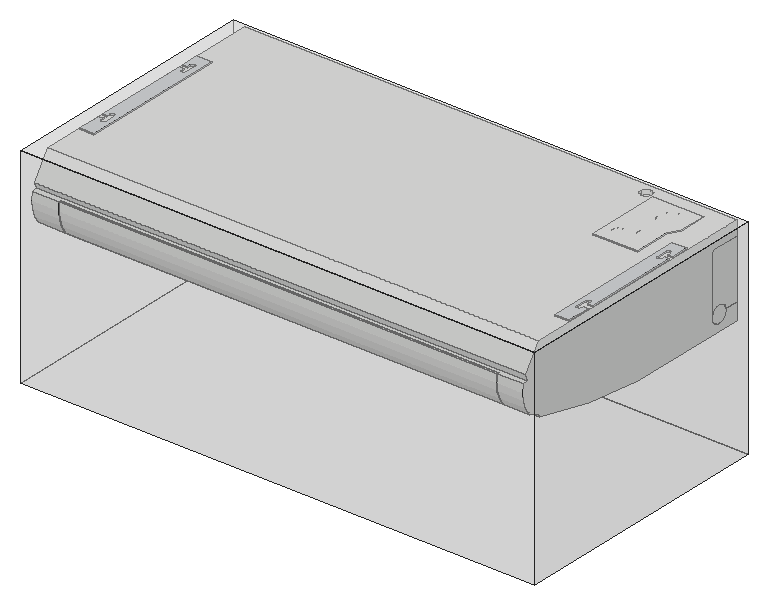
Revit family "outputfile", category 機械設備, Revit 2024
Family settings
  丸型コネクタ寸法 = 半径を使用
  パーツ タイプ = 標準
  OmniClass 番号 = 23.75.10.24.21.27.27
  OmniClass タイトル = Split System Air Conditioning Units
  作業面ベース = いいえ
  常に垂直 = はい
  ロード時にボイドで切り取り = いいえ
  注釈の向きを維持 = いいえ
  共有 = いいえ
  部屋計算ポイント = はい
Parameters (values of type "FHA18DV2S")
  製造元 = "Daikin"
  書き出し IFC クラス(タイプ) = "IfcUnitaryEquipmentType"
  定義済み IFC タイプ(タイプ) = "AIRCONDITIONINGUNIT"
  モデル = "FHA18DV2S"
  switch_frequency = yes
  r_Liquid Pipe Size = Liquid Pipe Size / 2  # 4.75 mm
  r_Gas Pipe Size = Gas Pipe Size / 2  # 7.95 mm
  r_Drain Pipe Size = Drain Pipe Size / 2  # 10.0 mm
  l_powersupply [instance] = if(Rear Right Connection_powersupply, 29.0 mm, 175.0 mm)  # 29.0 mm
  h_mountinghole = 2.0 mm
  connector_voltage = Voltage_50Hz  # 220 V
  connector_powerinput = [Power Input (Cooling)]  # 1.240 kW
  connector_phase = Phase_50Hz  # 1
  angle_vertical_powersupply [instance] = if(Rear Right Connection_powersupply, 90.00°, 180.00°)  # 90.00°
  angle_vertical_drainpipe [instance] = if(or(Left Connection_drainpipe, Right Connection_drainpipe), 90.00°, if(Top Connection_drainpipe, 180.00°, -90.00°))  # -90.00°
  angle_horizontal_powersupply [instance] = if(Rear Right Connection_powersupply, 180.00°, 0.00°)  # 180.00°
  angle_horizontal_drainpipe [instance] = if(Right Connection_drainpipe, 90.00°, if(Left Connection_drainpipe, -90.00°, 0.00°))  # 0.00°
  Voltage_comment_50Hz = "220 - 240"
  Voltage_50Hz = 220 V
  Top Connection_refrigerant [instance] = no
  Top Connection_powersupply [instance] = not(Rear Right Connection_powersupply)  # no
  Right Connection_refrigerant [instance] = no
  Rear Right Connection_refrigerant [instance] = yes
  Phase_50Hz = 1
  Material_Casing = DAIKIN_White_Casing_indoorunit
  lw_powersupply [instance] = if(Rear Right Connection_powersupply, 220.0 mm, 210.0 mm)  # 220.0 mm
  lw_mountinghole_pitch = Width - 40.0 mm  # 1230.0 mm
  lw_mountinghole = 20.0 mm
  lw_liquidpipe [instance] = if(Right Connection_refrigerant, 156.0 mm, if(Top Connection_refrigerant, 156.0 mm, 136.0 mm))  # 136.0 mm
  lw_gaspipe = 105.0 mm
  lw_drainpipe [instance] = if(Top Connection_drainpipe, 102.0 mm, if(Width = 960.0 mm, if(or(Left Connection_drainpipe, Rear Left Connection_drainpipe), 884.0 mm, 83.0 mm), if(Width = 1270.0 mm, if(or(Left Connection_drainpipe, Rear Left Connection_drainpipe), 1194.0 mm, 83.0 mm), if(Width = 1590.0 mm, if(or(Left Connection_drainpipe, Rear Left Connection_drainpipe), 1514.0 mm, 83.0 mm), 83.0 mm))))  # 83.0 mm
  lh_powersupply = 175.0 mm
  lh_liquidpipe [instance] = if(Rear Right Connection_refrigerant, 160.0 mm, 131.0 mm)  # 160.0 mm
  lh_gaspipe [instance] = if(Rear Right Connection_refrigerant, 150.0 mm, 91.0 mm)  # 150.0 mm
  lh_drainpipe = 197.0 mm
  l_antena = 1.0 mm
  ld_powersupply = 30.0 mm
  ld_mountinghole_pitch = 260.0 mm
  ld_mountinghole = 210.0 mm
  ld_liquidpipe [instance] = if(Right Connection_refrigerant, 57.0 mm, if(Top Connection_refrigerant, 189.0 mm, 221.0 mm))  # 221.0 mm
  ld_gaspipe [instance] = if(Right Connection_refrigerant, 57.0 mm, if(Top Connection_refrigerant, 163.0 mm, 214.0 mm))  # 214.0 mm
  ld_drainpipe [instance] = if(or(Left Connection_drainpipe, Right Connection_drainpipe), 57.0 mm, if(Top Connection_drainpipe, 87.0 mm, 268.0 mm))  # 268.0 mm
  l_liquidpipe_length [instance] = if(Right Connection_refrigerant, 156.0 mm, if(Top Connection_refrigerant, 131.0 mm, 220.0 mm))  # 220.0 mm
  l_gaspipe_length [instance] = if(Right Connection_refrigerant, 105.0 mm, if(Top Connection_refrigerant, 91.0 mm, 213.0 mm))  # 213.0 mm
  l_drainpipe_length [instance] = if(Right Connection_drainpipe, 83.0 mm, if(Top Connection_drainpipe, 197.0 mm, if(Left Connection_drainpipe, 76.0 mm, 267.0 mm)))  # 267.0 mm
  h*** = 0.0 mm
  angle_vertical [instance] = if(Right Connection_refrigerant, 90.00°, if(Top Connection_refrigerant, 180.00°, -90.00°))  # -90.00°
  angle_horizontal [instance] = if(Right Connection_refrigerant, 90.00°, 0.00°)  # 0.00°
  Width = 1270.0 mm
  Version = "ver.1.0"
  Unit Type = "Ceiling"
  Unit Mass Weight = 32.00 kg
  Unit Designation [instance] = ""
  Uniclass2015Version = "Products v1.30"
  Uniclass2015Title = "Split coil room air conditioning units"
  Uniclass2015Code = "Pr_70_65_03_86"
  Total Cooling Capacity [instance] = 0.000 kW
  Top Connection_drainpipe [instance] = no
  Sound Pressure Level_M speed (dBA) = 36
  Sound Pressure Level_L speed (dBA) = 34
  Sound Pressure Level_H speed (dBA) = 38
  Series = "SkyAir_Fan Coil Unit"
  Sensible Cooling Capacity [instance] = 0.000 kW
  Rear Right Connection_drainpipe [instance] = yes
  Rear Right Connection_powersupply [instance] = yes
  Right Connection_drainpipe [instance] = no
  Refrigerant Type = "R32"
  Power Input (Cooling) = 1.240 kW
  Option Accessory 3 [instance] = ""
  Option Accessory 2 [instance] = ""
  Option Accessory 1 [instance] = ""
  Nominal Cooling Capacity = 5.300 kW
  Minimum Airflow = 840.00 m³/h
  Median Airflow = 1020.00 m³/h
  Maximum Airflow = 1230.00 m³/h
  Load Classification = HVAC
  Liquid Pipe Size = 9.5 mm
  Link_Nested Family [instance] = ""
  Rear Left Connection_drainpipe [instance] = no
  Left Connection_drainpipe [instance] = no
  IfcVersion = ""
  IfcExportType = "AIRCONDITIONINGUNIT"
  IfcExportAs = "IfcUnitaryEquipmentType"
  Height = 235.0 mm
  Heat Exchanger Type = "Cross Fin Coil"
  Gas Pipe Size = 15.9 mm
  Frequency_50Hz = 50 Hz
  Fan Type = "Sirocco Fan"
  Fan Drive = "Direct Drive"
  FCU Tag No. [instance] = ""
  Drain Pipe Size = 20.0 mm
  Design Supply Airflow [instance] = 0.00 m³/h
  Design Outdoor Airflow [instance] = 0.00 m³/h
  Depth = 690.0 mm
  既定の高さ = 0.0 mm
  Cooling Entering Wet Bulb Temperature [instance] = 0.00 °C
  Cooling Entering Dry Bulb Temperature [instance] = 0.00 °C
  Cooling Ambient Wet Bulb Temperature [instance] = 0.00 °C
  Cooling Ambient Dry Bulb Temperature [instance] = 0.00 °C
  Clearance visibility [instance] = yes
  Clearance Top = 5.0 mm
  Clearance Right = 30.0 mm
  Clearance Rear = 0.0 mm
  Clearance Left = 30.0 mm
  Clearance Front = 0.0 mm
  Clearance Bottom = 300.0 mm
Reference planes
  plane 1 "Back": y = 0
  plane 2: z = 0
  plane 3 "Center (Left/Right)": x = 0
  plane 4 "Center (Front/Back)": y = -1
  plane 5 "Front": y = -690
  plane 6 "Left": x = -635
  plane 7 "Right": x = 635
  plane 8 "Top": z = 0
  plane 9 "Bottom": z = -235
  plane 10: y = -690
  plane 11: x = -665
  plane 12: x = 665
  plane 13: z = 5
  plane 14: z = -535
  plane 15: y = 0
  plane 16 "lw_mountinghole": x = -615
  plane 17 "lw_mountinghole2": x = 615
  plane 18 "ld_mountinghole": y = -210
  plane 19 "ld_mountinghole2": y = -470
  plane 20 "lw_gaspipe": x = 530
  plane 21 "ld_gaspipe": y = -214
  plane 22 "lh_gaspipe": z = -150
  plane 23 "lw_liquidpipe": x = 499
  plane 24 "ld_liquidpipe": y = -221
  plane 25 "lh_liquidpipe": z = -160
  plane 26 "ld_drainpipe": y = -268
  plane 27 "lw_drainpipe": x = 552
  plane 28 "lh_drainpipe": z = -197
  plane 29 "lw_powersupply": x = 415
  plane 30 "lh_powersupply": z = -175
  plane 31 "ld_powersupply": y = -30
  plane 32: x = -565.5
  plane 33: x = 565.5
  plane 34: x = -590
  plane 35: x = 590
  plane 36: x = -2
  plane 37: x = 2
Forms (mm)
  Extrusion 1, solid, material "DAIKIN_White_Casing_indoorunit" <- "Material_Casing"
    sketch origin (0, 0, 0) x (0, 1, 0) y (0, 0, 1)
      loop
        line (-639.277, 0) -> (-680.876, -61.699) -> (-675.026, -77.772)
        arc (-675.026, -77.772) -> (-681.815, -78.743) -> (-688.601, -79.732) r 2634.132
        arc (-688.601, -79.732) -> (-687.018, -121.096) -> (-669.159, -158.439) r 102.2
        line (-669.159, -158.439) -> (-639.858, -169.325) -> (-635.895, -178.261)
        arc (-635.895, -178.261) -> (-479.121, -215.759) -> (-319.077, -235) r 1400.997
        line (-319.077, -235) -> (-1, -235) -> (-1, 0) -> (-639.277, 0)
    from -635 to 635
  Extrusion 2, solid, material "DAIKIN_White_Casing_indoorunit" <- "Material_Casing"
    sketch origin (0, 0, 0) x (0, 1, 0) y (0, 0, 1)
      loop
        arc (-688.601, -79.732) -> (-687.018, -121.096) -> (-669.159, -158.439) r 102.2
        line (-669.159, -158.439) -> (-665.589, -154.869)
        arc (-665.589, -154.869) -> (-682.432, -118.783) -> (-683.39, -78.971) r 97.2
        arc (-683.39, -78.971) -> (-685.996, -79.351) -> (-688.601, -79.732) r 2634.132
    from -565.5 to 565.5
  Extrusion 3, void
    sketch origin (0, 0, 0) x (0, 1, 0) y (0, 0, 1)
      loop
        line (-301.098, -235) -> (-21.098, -235) -> (-21.098, -230) -> (-301.098, -230) -> (-301.098, -235)
    from -590 to 590
  Extrusion 4, solid, material "DAIKIN_White_Grille_indoorunit"
    sketch origin (0, 0, 0) x (0, 1, 0) y (0, 0, 1)
      loop
        line (-20.098, -230) -> (-301.098, -230) -> (-301.098, -235) -> (-20.098, -235) -> (-20.098, -230)
    from -590 to -2
  Extrusion 5, solid, material "DAIKIN_White_Casing_indoorunit" <- "Material_Casing"
    sketch origin (0, 0, 0) x (1, 0, 0) y (0, 0, 1)
      loop
        line (442, -63) -> (442, -178) -> (513, -220) -> (576, -220) -> (576, -63) -> (442, -63)
    from 0 to 1
  Extrusion 6, solid, material "DAIKIN_White_Casing_indoorunit" <- "Material_Casing"
    sketch origin (0, 0, 0) x (-1, 0, 0) y (0, -1, 0)
      loop
        line (-447, 35) -> (-447, 230) -> (-563, 230) -> (-563, 135) -> (-578, 105) -> (-578, 35) -> (-447, 35)
    from 0 to 1.9
  Extrusion 7, void
    sketch origin (635, 0, 0) x (0, 1, 0) y (0, 0, 1)
      loop
        arc (-79.5, -195) -> (-55.446, -217.446) -> (-34.715, -191.9) r 22.5
        line (-34.715, -191.9) -> (-1, -191.9) -> (-1, -190.1) -> (-35.04, -190.1)
        arc (-35.04, -190.1) -> (-54.942, -172.594) -> (-77.7, -186.182) r 22.5
        line (-77.7, -186.182) -> (-77.7, -43)
        arc (-77.7, -43) -> (-76.528, -40.172) -> (-73.7, -39) r 4
        line (-73.7, -39) -> (-1, -39) -> (-1, -37.2) -> (-73.7, -37.2)
        arc (-73.7, -37.2) -> (-77.801, -38.899) -> (-79.5, -43) r 5.8
        line (-79.5, -43) -> (-79.5, -195)
      loop
        circle (-57, -195) r 20.7
    from 0 to -10
  Extrusion 8, void
    sketch origin (-1444.026, -1, 1200) x (1, 0, 0) y (0, 0, 1)
      loop
        arc (875.026, -1375) -> (864.42, -1379.393) -> (860.026, -1390) r 15
        line (860.026, -1390) -> (860.026, -1400)
        arc (860.026, -1400) -> (864.42, -1410.607) -> (875.026, -1415) r 15
        line (875.026, -1415) -> (905.026, -1415)
        arc (905.026, -1415) -> (915.633, -1410.607) -> (920.026, -1400) r 15
        line (920.026, -1400) -> (920.026, -1390)
        arc (920.026, -1390) -> (915.633, -1379.393) -> (905.026, -1375) r 15
        line (905.026, -1375) -> (875.026, -1375)
    from 0 to 10
  Extrusion 9, void
    sketch origin (-635, 0, 0) x (0, 1, 0) y (0, 0, 1)
      loop
        circle (-57, -197) r 22.5
    from 0 to 10
  Extrusion 10, void
    sketch origin (-1444.026, -1, 1200) x (1, 0, 0) y (0, 0, 1)
      loop
        circle (1976.026, -1375) r 44
    from 0 to 10
  Extrusion 11, void
    sketch origin (0, 0, 0) x (-1, 0, 0) y (0, -1, 0)
      loop
        circle (-533, 87) r 30
    from 0 to -10
  Extrusion 12, void
    sketch origin (0, 0, 0) x (-1, 0, 0) y (0, -1, 0)
      loop
        circle (-530, 163) r 18
    from 0 to -10
  Extrusion 13, void
    sketch origin (0, 0, 0) x (-1, 0, 0) y (0, -1, 0)
      loop
        circle (-479, 189) r 13
    from 0 to -10
  Extrusion 14, void
    sketch origin (-1444.026, -1, 1200) x (1, 0, 0) y (0, 0, 1)
      loop
        circle (1859.026, -1375) r 14.5
    from 0 to 10
  Extrusion 15, void
    sketch origin (0, 0, 0) x (-1, 0, 0) y (0, -1, 0)
      loop
        circle (-425, 30) r 14.5
    from 0 to -10
  Extrusion 16, void
    sketch origin (635, 0, 0) x (0, 1, 0) y (0, 0, 1)
      loop
        arc (-665.589, -154.869) -> (-682.432, -118.783) -> (-683.39, -78.971) r 97.2
        arc (-683.39, -78.971) -> (-685.996, -79.351) -> (-688.601, -79.732) r 2634.132
        arc (-688.601, -79.732) -> (-687.018, -121.096) -> (-669.159, -158.439) r 102.2
        line (-669.159, -158.439) -> (-665.589, -154.869)
    from -69.5 to -1200.5
  Extrusion 17, solid, material "DAIKIN_White_Casing_indoorunit" <- "Material_Casing"
    sketch origin (-635, 0, 0) x (0, 1, 0) y (0, 0, 1)
      loop
        circle (-57, -197) r 22.5
    from 0 to 10
  Extrusion 18, solid, material "DAIKIN_White_Grille_indoorunit"
    sketch origin (780, 0, 0) x (0, 1, 0) y (0, 0, 1)
      loop
        line (-20.098, -230) -> (-301.098, -230) -> (-301.098, -235) -> (-20.098, -235) -> (-20.098, -230)
    from -782 to -778
  Extrusion 19, solid, material "DAIKIN_White_Grille_indoorunit"
    sketch origin (0, 0, 0) x (0, 1, 0) y (0, 0, -1)
      loop
        line (-20.098, 230) -> (-20.098, 235) -> (-301.098, 235) -> (-301.098, 230) -> (-20.098, 230)
    from -590 to -2
Cuts and joins
  Extrusion 3, Extrusion 7, Extrusion 8, Extrusion 9, Extrusion 10, Extrusion 11, Extrusion 12, Extrusion 13, Extrusion 14, Extrusion 15, Extrusion 16 cuts Extrusion 1
Lines and regions (mm)
  reference lines
    curve 1: line (635, -580.282, -192.75) -> (635, -551.225, -200.21)
Dimensions and locks
  equal spacing: plane 6 "Left", plane 3 "Center (Left/Right)", plane 7 "Right"
  "Width": plane 6 "Left" to plane 7 "Right"
  "Depth": plane 5 "Front" to plane 1 "Back"
  "Height": plane 8 "Top" to plane 9 "Bottom"
  "Clearance Front": plane 10 to plane 5 "Front"
  "Clearance Left": plane 11 to plane 6 "Left"
  "Clearance Right": plane 7 "Right" to plane 12
  "Clearance Top": plane 13 to plane 8 "Top"
  "Clearance Bottom": plane 9 "Bottom" to plane 14
  "Clearance Rear": plane 1 "Back" to plane 15
  locked: plane 4 "Center (Front/Back)" to plane 1 "Back" at 1
  locked: Extrusion 1 sketch curve to Extrusion 1 sketch curve at 235
  locked: Extrusion 1 sketch curve to Extrusion 1 sketch curve at 318.077
  locked: Extrusion 1 sketch curve to Extrusion 1 sketch curve at 1163.297
  locked: Extrusion 1 sketch curve to Extrusion 1 sketch curve at 231.144
  Extrusion 3 sketch curve to Extrusion 3 sketch curve to plane 1 "Back" = 280.0 mm locked, 21.098 mm locked
  "ld_mountinghole": plane 18 "ld_mountinghole" to plane 1 "Back"
  "ld_mountinghole_pitch": plane 18 "ld_mountinghole" to plane 19 "ld_mountinghole2"
  "lw_mountinghole_pitch": plane 16 "lw_mountinghole" to plane 17 "lw_mountinghole2"
  "lw_mountinghole": plane 6 "Left" to plane 16 "lw_mountinghole"
  "lw_gaspipe": plane 20 "lw_gaspipe" to plane 7 "Right"
  "ld_gaspipe": plane 1 "Back" to plane 21 "ld_gaspipe"
  "lw_liquidpipe": plane 23 "lw_liquidpipe" to plane 7 "Right"
  "ld_liquidpipe": plane 1 "Back" to plane 24 "ld_liquidpipe"
  "lw_drainpipe": plane 27 "lw_drainpipe" to plane 7 "Right"
  "ld_drainpipe": plane 26 "ld_drainpipe" to plane 1 "Back"
  plane 8 "Top" to Extrusion 5 sketch curve to Extrusion 5 sketch curve = 63.0 mm locked, 157.0 mm locked
  plane 7 "Right" to Extrusion 5 sketch curve to Extrusion 5 sketch curve = 59.0 mm locked, 134.0 mm locked
  locked: Extrusion 5 sketch curve to Extrusion 5 sketch curve at 115
  locked: Extrusion 5 sketch curve to Extrusion 5 sketch curve at 63
  locked: Extrusion 6 sketch curve to Extrusion 6 sketch curve at 195
  locked: Extrusion 6 sketch curve to Extrusion 6 sketch curve at 116
  locked: Extrusion 6 sketch curve to Extrusion 6 sketch curve at 131
  locked: Extrusion 6 sketch curve to Extrusion 6 sketch curve at 100
  locked: Extrusion 6 sketch curve to plane 1 "Back" at 35
  locked: Extrusion 6 sketch curve to plane 7 "Right" at 57
  locked: Extrusion 8 sketch curve to Extrusion 8 sketch curve at 40
  locked: Extrusion 8 sketch curve to Extrusion 8 sketch curve at 60
  locked: plane 8 "Top" to Extrusion 8 sketch curve at 175
  locked: Extrusion 8 sketch curve to plane 6 "Left" at 51
  locked: plane 7 "Right" to Extrusion 10 sketch curve at 103
  locked: plane 8 "Top" to Extrusion 10 sketch curve at 175
  locked: Extrusion 11 sketch curve to plane 1 "Back" at 87
  locked: Extrusion 11 sketch curve to plane 7 "Right" at 102
  locked: Extrusion 12 sketch curve to plane 1 "Back" at 163
  locked: Extrusion 12 sketch curve to plane 7 "Right" at 105
  locked: Extrusion 13 sketch curve to plane 1 "Back" at 189
  locked: Extrusion 13 sketch curve to plane 7 "Right" at 156
  "lw_powersupply": plane 29 "lw_powersupply" to plane 7 "Right"
  "lh_gaspipe": plane 8 "Top" to plane 22 "lh_gaspipe"
  "lh_liquidpipe": plane 8 "Top" to plane 25 "lh_liquidpipe"
  "lh_powersupply": plane 8 "Top" to plane 30 "lh_powersupply"
  "lh_drainpipe": plane 8 "Top" to plane 28 "lh_drainpipe"
  "ld_powersupply": plane 1 "Back" to plane 31 "ld_powersupply"
  locked: plane 8 "Top" to Extrusion 7 sketch curve at 195
  locked: Extrusion 7 sketch curve to plane 1 "Back" at 57
  locked: plane 9 "Bottom" to Extrusion 7 sketch curve at 43.1
  locked: Extrusion 7 sketch curve to plane 8 "Top" at 39
  locked: Extrusion 7 sketch curve to plane 1 "Back" at 79.5
  locked: Extrusion 9 sketch curve to plane 1 "Back" at 57
  locked: plane 8 "Top" to Extrusion 9 sketch curve at 197
  locked: Extrusion 17 sketch curve to plane 1 "Back" at 57
  locked: plane 8 "Top" to Extrusion 17 sketch curve at 197
  locked: plane 7 "Right" to Extrusion 14 sketch curve at 220
  locked: plane 8 "Top" to Extrusion 14 sketch curve at 175
  locked: Extrusion 15 sketch curve to plane 7 "Right" at 210
  locked: Extrusion 15 sketch curve to plane 1 "Back" at 30
  locked: curve 1 to plane 9 "Bottom" at 34.79
  locked: curve 1 to plane 9 "Bottom" at 42.25
  locked: plane 6 "Left" to plane 32 at 69.5
  locked: plane 33 to plane 7 "Right" at 69.5
  locked: plane 35 to plane 7 "Right" at 45
  locked: plane 6 "Left" to plane 34 at 45
  plane 36 to plane 3 "Center (Left/Right)" to plane 37 = 2.0 mm locked, 2.0 mm locked
  locked: curve 1 to plane 9 "Bottom" (angle 14.40°)
  aligned and locked: level to plane 2
  aligned and locked: nested 1 to plane 11
  aligned and locked: nested 1 to plane 12
  aligned and locked: nested 1 to plane 10
  aligned and locked: plane 13 to nested 1
  aligned and locked: plane 14 to nested 1
  aligned and locked: plane 15 to nested 1
  aligned and locked: Extrusion 1 sketch curve to plane 8 "Top"
  aligned and locked: Extrusion 2 sketch curve to Extrusion 1  (x2)
  aligned and locked: plane 7 "Right" to Extrusion 1
  aligned and locked: Extrusion 1 to plane 6 "Left"
  aligned and locked: cut or joined group 1 (Extrusion 1, Extrusion 3, Extrusion 7, Extrusion 8, Extrusion 9, Extrusion 10, Extrusion 11, Extrusion 12, Extrusion 13, Extrusion 14, Extrusion 15, Extrusion 16) to Extrusion 3 sketch curve
  aligned and locked: cut or joined group 1 to Extrusion 4 sketch curve
  aligned and locked: Extrusion 5 to plane 4 "Center (Front/Back)"
  aligned and locked: Extrusion 7 sketch curve to plane 4 "Center (Front/Back)"
  aligned and locked: Extrusion 16 sketch curve to Extrusion 2  (x4)
  aligned and locked: Extrusion 16 to Extrusion 2  (x2)
  aligned and locked: nested 2 to plane 26 "ld_drainpipe"
  aligned and locked: plane 27 "lw_drainpipe" to nested 2
  aligned and locked: plane 20 "lw_gaspipe" to nested 3
  aligned and locked: nested 3 to plane 21 "ld_gaspipe"
  aligned and locked: plane 23 "lw_liquidpipe" to nested 4
  aligned and locked: nested 4 to plane 24 "ld_liquidpipe"
  aligned and locked: plane 25 "lh_liquidpipe" to nested 4
  aligned and locked: nested 5 to plane 31 "ld_powersupply"
  aligned and locked: plane 29 "lw_powersupply" to nested 5
  aligned and locked: nested 7 to plane 18 "ld_mountinghole"
  aligned and locked: plane 16 "lw_mountinghole" to nested 7
  aligned and locked: nested 6 to plane 19 "ld_mountinghole2"
  aligned and locked: plane 16 "lw_mountinghole" to nested 6
  aligned and locked: nested 9 to plane 18 "ld_mountinghole"
  aligned and locked: plane 17 "lw_mountinghole2" to nested 9
  aligned and locked: plane 17 "lw_mountinghole2" to nested 8
  aligned and locked: nested 8 to plane 19 "ld_mountinghole2"
  aligned and locked: nested 10 to curve 1
  aligned and locked: level to plane 8 "Top"
  aligned and locked: cut or joined group 1 to plane 32
  aligned and locked: plane 33 to cut or joined group 1
  aligned and locked: Extrusion 16 to plane 32
  aligned and locked: plane 33 to Extrusion 16
  aligned and locked: Extrusion 4 to plane 34
  aligned and locked: cut or joined group 1 to plane 34
  aligned and locked: plane 34 to Extrusion 4  (x3)
  aligned and locked: plane 16 "lw_mountinghole" to nested 11
  aligned and locked: plane 17 "lw_mountinghole2" to nested 12
  aligned and locked: plane 36 to Extrusion 4
  aligned and locked: Extrusion 18 to plane 36
  aligned and locked: plane 37 to Extrusion 18
  aligned and locked: Extrusion 19 to plane 37
  aligned and locked: plane 37 to Extrusion 19
  aligned and locked: plane 35 to Extrusion 19
  aligned and locked: plane 35 to Extrusion 3
  aligned and locked: Extrusion 4 to cut or joined group 1
  aligned and locked: cut or joined group 1 to Extrusion 18
  aligned and locked: cut or joined group 1 to Extrusion 19
Automatic sketch dimensions
  Extrusion 1 sketch curve to plane 4 "Center (Front/Back)" = 0.0 mm
  Extrusion 1 sketch curve to plane 5 "Front" = 102.2 mm
  Extrusion 1 sketch curve to plane 30 "lh_powersupply" = 3.261 mm
  Extrusion 1 sketch curve to plane 5 "Front" = 50.723 mm
  plane 30 "lh_powersupply" to Extrusion 1 sketch curve = 5.675 mm
  Extrusion 1 sketch curve to Extrusion 1 sketch curve = 3.963 mm
  plane 25 "lh_liquidpipe" to Extrusion 1 sketch curve = 1.561 mm
  Extrusion 1 sketch curve to plane 5 "Front" = 20.841 mm
  Extrusion 1 sketch curve to plane 5 "Front" = 14.974 mm
  Extrusion 1 sketch curve to plane 5 "Front" = 9.124 mm
  Extrusion 1 sketch curve to plane 26 "ld_drainpipe" = 37.278 mm
  Extrusion 1 sketch curve to plane 14 = 2150.825 mm
  plane 22 "lh_gaspipe" to Extrusion 1 sketch curve = 53.413 mm
  Extrusion 1 sketch curve to level = 77.772 mm
  Extrusion 1 sketch curve to Extrusion 1 sketch curve = 16.072 mm
  Extrusion 2 sketch curve to Extrusion 2 sketch curve = 0.0 mm  (x2)
  plane 25 "lh_liquidpipe" to Extrusion 2 sketch curve = 1.561 mm
  Extrusion 2 sketch curve to plane 22 "lh_gaspipe" = 4.869 mm
  Extrusion 2 sketch curve to Extrusion 2 sketch curve = 3.57 mm
  Extrusion 3 sketch curve to Extrusion 3 sketch curve = 5.0 mm
  plane 31 "ld_powersupply" to Extrusion 4 sketch curve = 9.902 mm
  Extrusion 4 sketch curve to Extrusion 4 sketch curve = 5.0 mm
  Extrusion 6 sketch curve to Extrusion 6 sketch curve = 30.0 mm
  Extrusion 7 sketch curve to Extrusion 7 sketch curve = 0.0 mm  (x6)
  Extrusion 7 sketch curve to plane 4 "Center (Front/Back)" = 0.0 mm  (x2)
  Extrusion 7 sketch curve to Extrusion 7 sketch curve = 1.8 mm  (x2)
  Extrusion 7 sketch curve to Extrusion 7 sketch curve = 4.0 mm
  Extrusion 7 sketch curve to Extrusion 7 sketch curve = 0.325 mm
  Extrusion 8 sketch curve to plane 32 = 3.5 mm  (x2)
  Extrusion 8 sketch curve to plane 28 "lh_drainpipe" = 3.0 mm
  Extrusion 8 sketch curve to Extrusion 8 sketch curve = 15.0 mm
  curve 1 to plane 5 "Front" = 109.718 mm
  Extrusion 18 sketch curve to plane 9 "Bottom" = 0.0 mm
  plane 9 "Bottom" to Extrusion 18 sketch curve = 5.0 mm
  Extrusion 18 sketch curve to plane 26 "ld_drainpipe" = 33.098 mm
  plane 31 "ld_powersupply" to Extrusion 18 sketch curve = 9.902 mm
  Extrusion 19 sketch curve to plane 9 "Bottom" = 0.0 mm
  plane 9 "Bottom" to Extrusion 19 sketch curve = 5.0 mm
  Extrusion 19 sketch curve to plane 26 "ld_drainpipe" = 33.098 mm
  plane 31 "ld_powersupply" to Extrusion 19 sketch curve = 9.902 mm
  Extrusion 4 sketch curve to plane 26 "ld_drainpipe" = 33.098 mm
  radius of Extrusion 7 sketch curve = 20.7 mm
  radius of Extrusion 9 sketch curve = 22.5 mm
  radius of Extrusion 10 sketch curve = 44.0 mm
  radius of Extrusion 11 sketch curve = 30.0 mm
  radius of Extrusion 12 sketch curve = 18.0 mm
  radius of Extrusion 13 sketch curve = 13.0 mm
  radius of Extrusion 14 sketch curve = 14.5 mm
  radius of Extrusion 15 sketch curve = 14.5 mm
  radius of Extrusion 17 sketch curve = 22.5 mm
Nested families
  nested 1: "daikin_clearancespace" at (0, -345, -264.881), visible <- "Clearance visibility", show <- "Clearance visibility", Link_Nested Family <- "Link_Nested Family", type "daikin_clearancespace"
    with width 1330.0 mm, show yes, height 540.0 mm, depth 690.0 mm, Link_Nested Family ""
  nested 2: "daikin_connector_rotate3" at (552, -268, -197), radius <- "r_Drain Pipe Size", angle_vertical <- "angle_vertical_drainpipe", angle_horizontal <- "angle_horizontal_drainpipe", length <- "l_drainpipe_length", type "daikin_connector_rotate3"
    with show no, radius 10.0 mm, length 267.0 mm, angle_vertical -90.00°, angle_horizontal 0.00°
  nested 3: "daikin_connector_rotate3" at (530, -214, -150), radius <- "r_Gas Pipe Size", angle_vertical <- "angle_vertical", angle_horizontal <- "angle_horizontal", length <- "l_gaspipe_length", type "daikin_connector_rotate3"
    with show no, radius 7.95 mm, length 213.0 mm, angle_vertical -90.00°, angle_horizontal 0.00°
  nested 4: "daikin_connector_rotate3" at (499, -221, -160), radius <- "r_Liquid Pipe Size", angle_vertical <- "angle_vertical", angle_horizontal <- "angle_horizontal", length <- "l_liquidpipe_length", type "daikin_connector_rotate3"
    with show no, radius 4.75 mm, length 220.0 mm, angle_vertical -90.00°, angle_horizontal 0.00°
  nested 5: "daikin_connector_rotate3" at (415, -30, -175), length <- "l_powersupply", angle_vertical <- "angle_vertical_powersupply", angle_horizontal <- "angle_horizontal_powersupply", type "daikin_connector_rotate3"
    with show no, radius 10.0 mm, length 29.0 mm, angle_vertical 90.00°, angle_horizontal 180.00°
  nested 6: "daikin_mountinghole" at (-615, -470, 0), l_antenna <- "l_antena", Link_Nested Family <- "Link_Nested Family", h_mountinghole <- "h_mountinghole", type "daikin_mountinghole"
    with show yes, l_antenna 1.0 mm, h_mountinghole 2.0 mm, Link_Nested Family ""
  nested 7: "daikin_mountinghole" at (-615, -210, 0), l_antenna <- "l_antena", Link_Nested Family <- "Link_Nested Family", h_mountinghole <- "h_mountinghole", type "daikin_mountinghole"
    with show yes, l_antenna 1.0 mm, h_mountinghole 2.0 mm, Link_Nested Family ""
  nested 8: "daikin_mountinghole" at (615, -470, 0), l_antenna <- "l_antena", Link_Nested Family <- "Link_Nested Family", h_mountinghole <- "h_mountinghole", type "daikin_mountinghole"
    with show yes, l_antenna 1.0 mm, h_mountinghole 2.0 mm, Link_Nested Family ""
  nested 9: "daikin_mountinghole" at (615, -210, 0), Link_Nested Family <- "Link_Nested Family", l_antenna <- "l_antena", h_mountinghole <- "h_mountinghole", type "daikin_mountinghole"
    with show yes, l_antenna 1.0 mm, h_mountinghole 2.0 mm, Link_Nested Family ""
  nested 10: "daikin_logo_plane_w40" at (487.963, -559.801, -198.008) x (1, 0, 0) z (0, -0.2487, -0.9686), type "daikin_logo_plane_w40"
    with show_logo yes
  nested 11: "daikin_hangerfixture_FHA-DV2S" at (-615, 0, 0), type "daikin_hangerfixture_FHA-DV2S"
    with width 38.0 mm, height 2.0 mm, depth 380.0 mm
  nested 12: "daikin_hangerfixture_FHA-DV2S" at (615, 0, 0) x (-1, 0, 0) z (0, 0, 1), type "daikin_hangerfixture_FHA-DV2S"
    with width 38.0 mm, height 2.0 mm, depth 380.0 mm
Connectors
  piping at (552, -1, -197), diameter 20, driven by "r_Drain Pipe Size"
    settings: on nested 2, index 1, connector inside diameter 609.6 mm, connector length 0.0 mm, flow factor 0, pipe flow 0.00 m³/h, pressure drop 0.0 Pa, fitting loss kfactor 0, connector angle 0.00°, fixture units 0, engagement length 0.0 mm, angle of deflection 0.00°, flow configuration 1, flow direction 2, fitting loss method 4, system type 16, joint type 0, gender type 0, connector reference index -1, connector utility 0, adjustable connector no, is connector primary yes, connector description "Condensate Drain Piping"
  piping at (530, -1, -150), diameter 15.9, driven by "r_Gas Pipe Size"
    settings: on nested 3, index 3, connector inside diameter 609.6 mm, connector length 0.0 mm, flow factor 0, pipe flow 0.00 m³/h, pressure drop 0.0 Pa, fitting loss kfactor 0, connector angle 0.00°, fixture units 0, engagement length 0.0 mm, angle of deflection 0.00°, flow configuration 1, flow direction 2, fitting loss method 0, system type 29, joint type 0, gender type 0, connector reference index -1, connector utility 0, adjustable connector no, is connector primary no, connector description "Refrigerant Gas Piping"
  piping at (499, -1, -160), diameter 9.5, driven by "r_Liquid Pipe Size"
    settings: on nested 4, index 4, connector inside diameter 609.6 mm, connector length 0.0 mm, flow factor 0, pipe flow 0.00 m³/h, pressure drop 0.0 Pa, fitting loss kfactor 0, connector angle 0.00°, fixture units 0, engagement length 0.0 mm, angle of deflection 0.00°, flow configuration 1, flow direction 1, fitting loss method 0, system type 29, joint type 0, gender type 0, connector reference index -1, connector utility 0, adjustable connector no, is connector primary no, connector description "Refrigerant Liquid Piping"
  electrical at (415, -1, -175), driven by "Load Classification", driven by "connector_powerinput", driven by "connector_phase", driven by "connector_voltage"
    settings: on nested 5, index 6, voltage 220 V, apparent load 1240 VA, apparent load phase1 0 VA, apparent load phase2 0 VA, apparent load phase3 0 VA, power factor 1, load classification "HVAC", number of poles 1, system type 30, power factor state 1, is connector primary yes, connector utility no, sub classification motor no, connector description "Power Supply"
Definition of nested family "daikin_clearancespace"
  Parameters (values of type "daikin_clearancespace")
    Description = "daikin_clearancespace"
    width [instance] = 1823.963 mm
    show [instance] = yes
    material = none
    height [instance] = 1359.762 mm
    depth [instance] = 880.0 mm
    Default Elevation = 0.0 mm
    Link_Nested Family [instance] = ""
  Reference planes
    plane 1 "Center (Front/Back)": y = 0
    plane 2 "Center (Elevation)": z = -0.119
    plane 3 "Center (Left/Right)": x = 0
    plane 4: y = 440
    plane 5: y = -440
    plane 6 "Right": x = 911.982
    plane 7 "Left": x = -911.982
    plane 8 "Top": z = 679.762
    plane 9 "Bottom": z = -680
  Forms (mm)
    Extrusion 1, solid, material <- "material", visible <- "show"
      sketch origin (0, 0, 0) x (1, 0, 0) y (0, 1, 0)
        loop
          line (-911.982, 440) -> (-911.982, -440) -> (911.982, -440) -> (911.982, 440) -> (-911.982, 440)
      from -680 to 679.762
  Lines and regions (mm)
    symbolic lines, visible <- "show"
      curve 1: line (911.982, 440, 0) -> (-911.982, 440, 0)
      curve 2: line (-911.982, 440, 0) -> (-911.982, -440, 0)
      curve 3: line (-911.982, -440, 0) -> (911.982, -440, 0)
      curve 4: line (911.982, -440, 0) -> (911.982, 440, 0)
      curve 5: line (911.982, 0, 679.762) -> (-911.982, 0, 679.762)
      curve 6: line (911.982, 0, -680) -> (911.982, 0, 679.762)
      curve 7: line (-911.982, 0, -680) -> (911.982, 0, -680)
      curve 8: line (-911.982, 0, 679.762) -> (-911.982, 0, -680)
      curve 9: line (0, 440, 679.762) -> (0, -440, 679.762)
      curve 10: line (0, -440, 679.762) -> (0, -440, -680)
      curve 11: line (0, 440, -680) -> (0, 440, 679.762)
      curve 12: line (0, -440, -680) -> (0, 440, -680)
  Dimensions and locks
    "width": plane 7 "Left" to plane 6 "Right"
    "depth": plane 4 to plane 5
    "height": plane 8 "Top" to plane 9 "Bottom"
    equal spacing: plane 7 "Left", plane 3 "Center (Left/Right)", plane 6 "Right"
    equal spacing: plane 4, plane 1 "Center (Front/Back)", plane 5
    equal spacing: plane 8 "Top", plane 2 "Center (Elevation)", plane 9 "Bottom"
    aligned and locked: level to plane 2 "Center (Elevation)"
    aligned and locked: Extrusion 1 sketch curve to plane 4
    aligned and locked: plane 7 "Left" to Extrusion 1 sketch curve
    aligned and locked: Extrusion 1 sketch curve to plane 5
    aligned and locked: Extrusion 1 sketch curve to plane 6 "Right"
    aligned and locked: plane 8 "Top" to Extrusion 1
    aligned and locked: curve 1 to Extrusion 1
    aligned and locked: curve 2 to Extrusion 1
    aligned and locked: curve 3 to Extrusion 1
    aligned and locked: curve 4 to Extrusion 1
    aligned and locked: curve 5 to Extrusion 1
    aligned and locked: curve 6 to Extrusion 1
    aligned and locked: curve 7 to Extrusion 1
    aligned and locked: curve 8 to Extrusion 1
    aligned and locked: curve 9 to Extrusion 1
    aligned and locked: curve 10 to Extrusion 1
    aligned and locked: curve 11 to Extrusion 1
    aligned and locked: curve 12 to Extrusion 1
    aligned and locked: Extrusion 1 to plane 9 "Bottom"
Definition of nested family "daikin_logo_plane_w40"
  Parameters (values of type "daikin_logo_plane_w40")
    width = 40.0 mm
    show_logo [instance] = yes
    material = none
    height = 0.0 mm
    depth = 0.0 mm
    Default Elevation = 1219.2 mm
  Reference planes
    plane 1 "Center (Front/Back)": y = 0
    plane 2: z = 0
    plane 3 "Center (Left/Right)": x = 0
    plane 4: z = 2
    plane 5 "left": x = -19
    plane 6: x = 19
  Forms (mm)
    Extrusion 1, solid, visible <- "show_logo"
      sketch origin (-19, 0, 0) x (1, 0, 0) y (0, 1, 0)
        loop
          line (8.902, -1.878) -> (7.789, -6.332) -> (11.13, -6.332)
          arc (11.13, -6.332) -> (12.454, -6.064) -> (13.472, -5.176) r 2.642
          arc (13.472, -5.176) -> (13.92, -4.02) -> (13.767, -2.79) r 2.537
          arc (13.767, -2.79) -> (13.452, -2.342) -> (12.982, -2.06) r 1.321
          arc (12.982, -2.06) -> (12.063, -1.902) -> (11.13, -1.878) r 6.479
          line (11.13, -1.878) -> (8.902, -1.878)
        loop
          line (10.016, -5.441) -> (10.907, -5.441)
          arc (10.907, -5.441) -> (11.591, -4.983) -> (11.988, -4.261) r 1.742
          spline (11.988, -4.261) -> (12.01, -4.155) -> (12.027, -4.03) -> (12.037, -3.893) -> (12.037, -3.747) -> (12.026, -3.598) -> (12.002, -3.451) -> (11.962, -3.31) -> (11.905, -3.181) -> (11.829, -3.069) -> (11.731, -2.978) -> (11.61, -2.913) -> (11.464, -2.88)
          line (11.464, -2.88) -> (10.573, -2.88) -> (10.016, -5.441)
        loop
          line (13.58, -6.332) -> (14.805, -6.332) -> (15.223, -5.553) -> (16.977, -5.553) -> (17.144, -6.332) -> (19.149, -6.332) -> (18.258, -1.878) -> (16.03, -1.878) -> (13.58, -6.332)
        loop
          line (16.476, -3.214) -> (15.76, -4.551) -> (16.762, -4.551) -> (16.476, -3.214)
        loop
          line (19.705, -6.332) -> (21.599, -6.332) -> (22.712, -1.878) -> (20.819, -1.878) -> (19.705, -6.332)
        loop
          line (22.712, -6.332) -> (24.606, -6.332) -> (24.908, -5.122) -> (25.831, -6.332) -> (28.17, -6.332) -> (26.388, -3.994) -> (28.949, -1.878) -> (26.945, -1.878) -> (25.401, -3.153) -> (25.719, -1.878) -> (23.826, -1.878) -> (22.712, -6.332)
        loop
          line (29.84, -1.878) -> (28.615, -6.332) -> (30.62, -6.332) -> (31.734, -1.878) -> (29.84, -1.878)
        loop
          line (31.734, -6.332) -> (33.07, -6.332) -> (33.7, -3.814) -> (34.518, -6.332) -> (36.745, -6.332) -> (37.859, -1.878) -> (36.523, -1.878) -> (35.845, -4.589) -> (34.963, -1.878) -> (32.847, -1.878) -> (31.734, -6.332)
      from 0 to 2
    Extrusion 2, solid, visible <- "show_logo"
      sketch origin (-19, 0, 0) x (1, 0, 0) y (0, 1, 0)
        loop
          line (8.7, 0) -> (4.235, 0) -> (0, -3.879) -> (0, -8) -> (8.7, 0)
      from 0 to 2
    Extrusion 3, solid, visible <- "show_logo"
      sketch origin (-19, 0, 0) x (1, 0, 0) y (0, 1, 0)
        loop
          line (0, 0) -> (0, -3.879) -> (4.235, 0) -> (0, 0)
      from 0 to 2
  Dimensions and locks
    plane 4 to plane 2 = 2.0 mm
    equal spacing: plane 5 "left", plane 3 "Center (Left/Right)", plane 6
    locked: plane 5 "left" to plane 6 at 38
    aligned and locked: level to plane 2
    aligned and locked: Extrusion 3 to plane 1 "Center (Front/Back)"  (x2)
    aligned and locked: Extrusion 2 to plane 1 "Center (Front/Back)"  (x2)
    aligned and locked: plane 4 to Extrusion 1
    aligned and locked: plane 4 to Extrusion 3
    aligned and locked: plane 4 to Extrusion 2
    aligned and locked: Extrusion 3 to plane 5 "left"
    aligned and locked: Extrusion 2 to plane 5 "left"
  Automatic sketch dimensions
    Extrusion 1 sketch curve to Extrusion 1 sketch curve = 0.901 mm
    Extrusion 1 sketch curve to Extrusion 1 sketch curve = 1.559 mm
    Extrusion 1 sketch curve to Extrusion 1 sketch curve = 1.327 mm
    Extrusion 1 sketch curve to Extrusion 1 sketch curve = 2.145 mm
    Extrusion 1 sketch curve to Extrusion 1 sketch curve = 1.448 mm
    Extrusion 1 sketch curve to Extrusion 1 sketch curve = 2.116 mm
    Extrusion 1 sketch curve to Extrusion 1 sketch curve = 1.114 mm  (x4)
    Extrusion 1 sketch curve to Extrusion 1 sketch curve = 1.336 mm  (x2)
    plane 1 "Center (Front/Back)" to Extrusion 1 sketch curve = 1.878 mm  (x5)
    Extrusion 1 sketch curve to Extrusion 1 sketch curve = 1.893 mm  (x5)
    Extrusion 1 sketch curve to Extrusion 1 sketch curve = 0.891 mm  (x4)
    Extrusion 1 sketch curve to Extrusion 1 sketch curve = 2.005 mm  (x3)
    Extrusion 1 sketch curve to Extrusion 1 sketch curve = 0.445 mm  (x2)
    plane 1 "Center (Front/Back)" to Extrusion 1 sketch curve = 3.994 mm
    Extrusion 1 sketch curve to Extrusion 1 sketch curve = 0.557 mm  (x2)
    Extrusion 1 sketch curve to Extrusion 1 sketch curve = 2.339 mm  (x2)
    Extrusion 1 sketch curve to Extrusion 1 sketch curve = 1.225 mm  (x3)
    plane 1 "Center (Front/Back)" to Extrusion 1 sketch curve = 3.153 mm
    Extrusion 1 sketch curve to Extrusion 1 sketch curve = 0.987 mm
    plane 1 "Center (Front/Back)" to Extrusion 1 sketch curve = 5.122 mm
    Extrusion 1 sketch curve to Extrusion 1 sketch curve = 0.922 mm
    plane 1 "Center (Front/Back)" to Extrusion 1 sketch curve = 6.332 mm
    Extrusion 1 sketch curve to Extrusion 1 sketch curve = 2.562 mm
    plane 1 "Center (Front/Back)" to Extrusion 1 sketch curve = 5.553 mm
    Extrusion 1 sketch curve to Extrusion 1 sketch curve = 0.167 mm
    Extrusion 1 sketch curve to Extrusion 1 sketch curve = 0.215 mm
    plane 1 "Center (Front/Back)" to Extrusion 1 sketch curve = 3.214 mm
    Extrusion 1 sketch curve to Extrusion 1 sketch curve = 0.286 mm
    plane 1 "Center (Front/Back)" to Extrusion 1 sketch curve = 4.551 mm
    Extrusion 1 sketch curve to Extrusion 1 sketch curve = 1.002 mm
    Extrusion 1 sketch curve to Extrusion 1 sketch curve = 0.537 mm
    Extrusion 1 sketch curve to Extrusion 1 sketch curve = 0.418 mm
    Extrusion 1 sketch curve to Extrusion 1 sketch curve = 1.028 mm
    plane 1 "Center (Front/Back)" to Extrusion 1 sketch curve = 4.261 mm
    Extrusion 1 sketch curve to Extrusion 1 sketch curve = 0.563 mm
    plane 1 "Center (Front/Back)" to Extrusion 1 sketch curve = 2.88 mm
    Extrusion 1 sketch curve to Extrusion 1 sketch curve = 1.088 mm
    Extrusion 1 sketch curve to Extrusion 1 sketch curve = 2.152 mm
    Extrusion 1 sketch curve to Extrusion 1 sketch curve = 0.586 mm
    Extrusion 1 sketch curve to Extrusion 1 sketch curve = 0.118 mm
    Extrusion 1 sketch curve to Extrusion 1 sketch curve = 0.298 mm
    Extrusion 1 sketch curve to Extrusion 1 sketch curve = 0.334 mm
    Extrusion 1 sketch curve to Extrusion 1 sketch curve = 0.223 mm
    Extrusion 1 sketch curve to Extrusion 1 sketch curve = 0.266 mm
    Extrusion 1 sketch curve to Extrusion 1 sketch curve = 1.671 mm
    Extrusion 1 sketch curve to Extrusion 1 sketch curve = 2.227 mm
    Extrusion 1 sketch curve to Extrusion 1 sketch curve = 0.0 mm  (x7)
    Extrusion 1 sketch curve to Extrusion 1 sketch curve = 3.453 mm
    Extrusion 1 sketch curve to Extrusion 1 sketch curve = 2.017 mm
    Extrusion 1 sketch curve to Extrusion 1 sketch curve = 0.78 mm  (x2)
    Extrusion 1 sketch curve to Extrusion 1 sketch curve = 1.743 mm
    Extrusion 1 sketch curve to Extrusion 1 sketch curve = 0.775 mm
    Extrusion 1 sketch curve to Extrusion 1 sketch curve = 0.552 mm
    Extrusion 1 sketch curve to Extrusion 1 sketch curve = 0.014 mm
    Extrusion 1 sketch curve to Extrusion 1 sketch curve = 0.952 mm
    Extrusion 1 sketch curve to Extrusion 1 sketch curve = 1.215 mm
    Extrusion 1 sketch curve to Extrusion 1 sketch curve = 0.108 mm
    plane 1 "Center (Front/Back)" to Extrusion 2 sketch curve = 0.0 mm
    Extrusion 2 sketch curve to plane 3 "Center (Left/Right)" = 19.0 mm
    Extrusion 2 sketch curve to plane 3 "Center (Left/Right)" = 14.765 mm
    Extrusion 2 sketch curve to Extrusion 2 sketch curve = 4.465 mm
    plane 1 "Center (Front/Back)" to Extrusion 2 sketch curve = 3.879 mm
    Extrusion 2 sketch curve to Extrusion 2 sketch curve = 4.12 mm
    plane 1 "Center (Front/Back)" to Extrusion 3 sketch curve = 0.0 mm
    Extrusion 3 sketch curve to plane 3 "Center (Left/Right)" = 19.0 mm
    Extrusion 3 sketch curve to plane 3 "Center (Left/Right)" = 14.765 mm
    plane 1 "Center (Front/Back)" to Extrusion 3 sketch curve = 3.879 mm
    Extrusion 1 sketch curve to plane 3 "Center (Left/Right)" = 11.211 mm
    Extrusion 1 sketch curve to Extrusion 1 sketch curve = 1.782 mm
Definition of nested family "daikin_hangerfixture_FHA-DV2S"
  Parameters (values of type "daikin_hangerfixture_FHA-CV2S")
    width = 44.0 mm
    material = none
    height = 155.0 mm
    depth = 33.0 mm
    Default Elevation = 0.0 mm
  Reference planes
    plane 1 "Center (Front/Back)": y = 0
    plane 2: z = 0
    plane 3 "Center (Left/Right)": x = 0
    plane 4: z = -2.3
    plane 5: z = -155
    plane 6: z = -12
  Forms (mm)
    Extrusion 1, solid
      sketch origin (0, 0, 0) x (1, 0, 0) y (0, 1, 0)
        loop
          line (20, -159) -> (-18, -159) -> (-18, -204) -> (-6, -204) -> (-6, -196)
          arc (-6, -196) -> (0, -190) -> (6, -196) r 6
          line (6, -196) -> (6, -224)
          arc (6, -224) -> (0, -230) -> (-6, -224) r 6
          line (-6, -224) -> (-6, -216) -> (-18, -216) -> (-18, -464) -> (-6, -464) -> (-6, -456)
          arc (-6, -456) -> (0, -450) -> (6, -456) r 6
          line (6, -456) -> (6, -484)
          arc (6, -484) -> (0, -490) -> (-6, -484) r 6
          line (-6, -484) -> (-6, -476) -> (-18, -476) -> (-18, -539) -> (20, -539) -> (20, -159)
      from 0 to 2
  Dimensions and locks
    plane 2 to plane 4 = 2.3 mm
    "height": plane 2 to plane 5
    locked: plane 2 to plane 6 at 12
    aligned and locked: level to plane 2
  Automatic sketch dimensions
    plane 3 "Center (Left/Right)" to Extrusion 1 sketch curve = 20.0 mm
    plane 1 "Center (Front/Back)" to Extrusion 1 sketch curve = 159.0 mm
    Extrusion 1 sketch curve to plane 3 "Center (Left/Right)" = 18.0 mm
    Extrusion 1 sketch curve to Extrusion 1 sketch curve = 380.0 mm
    Extrusion 1 sketch curve to Extrusion 1 sketch curve = 63.0 mm
    Extrusion 1 sketch curve to plane 3 "Center (Left/Right)" = 0.0 mm  (x4)
    plane 3 "Center (Left/Right)" to Extrusion 1 sketch curve = 6.0 mm
    Extrusion 1 sketch curve to Extrusion 1 sketch curve = 8.0 mm  (x4)
    Extrusion 1 sketch curve to Extrusion 1 sketch curve = 20.0 mm  (x2)
    Extrusion 1 sketch curve to Extrusion 1 sketch curve = 0.0 mm  (x2)
    Extrusion 1 sketch curve to Extrusion 1 sketch curve = 57.0 mm
    Extrusion 1 sketch curve to plane 3 "Center (Left/Right)" = 6.0 mm
Definition of nested family "daikin_connector_rotate3"
  Parameters (values of type "daikin_connector_rotate3")
    show [instance] = yes
    radius [instance] = 10.0 mm
    length [instance] = 600.0 mm
    angle_horizontal [instance] = 60.00°
    angle_vertical [instance] = 90.00°
    Default Elevation = 1219.2 mm
  Reference planes
    plane 1 "Center (Front/Back)": y = 0
    plane 2: z = 0
    plane 3 "Center (Left/Right)": x = 0
  Dimensions and locks
    "angle_horizontal": angle plane 3 "Center (Left/Right)" to nested 1
    aligned and locked: level to plane 2
    aligned and locked: plane 1 "Center (Front/Back)" to nested 1  (x2)
    aligned and locked: plane 3 "Center (Left/Right)" to nested 1
  Nested families
    nested 1: "daikin_connector_rotate2" at (0, 0, 0) x (0.5, 0.866, 0) z (0, 0, 1), angle_vertical <- "angle_vertical", length <- "length", radius <- "radius", type "daikin_connector_rotate2"
      with radius 10.0 mm, length 600.0 mm, angle_vertical 90.00°
  Definition of nested family "daikin_connector_rotate2"
    Parameters (values of type "daikin_connector_rotate2")
      show_face = yes
      radius [instance] = 10.0 mm
      length [instance] = 600.0 mm
      d_surface = 10.0 mm
      angle_vertical [instance] = 90.00°
      Default Elevation = 0.0 mm
    Reference planes
      plane 1 "Center (Front/Back)": y = 0
      plane 2: z = 0
      plane 3 "Center (Left/Right)": x = 0
    Forms (mm)
      Extrusion 1, solid, visible <- "show_face"
        sketch origin (0, -600, 0) x (1, 0, 0) y (0, 0, 1)
          loop
            circle (0, 0) r 10
        from 0 to -10
    Lines and regions (mm)
      reference lines
        curve 1: line (0, 0, 0) -> (0, -600, 0)
      symbolic lines
        curve 2: circle (0, 0, 0) r 5 normal (0, 0, 1)
      model lines, visible <- "show_face"
        curve 3: line (0, 0, 0) -> (0, -600, 0)
    Dimensions and locks
      "length": curve 1 to curve 1
      "length": curve 3 to curve 3
      "d_surface": Extrusion 1 to Extrusion 1
      "radius": radius of Extrusion 1 sketch curve
      "angle_vertical": angle curve 1 to plane 1 "Center (Front/Back)"
      "angle_vertical": angle curve 3 to plane 1 "Center (Front/Back)"
      aligned and locked: level to plane 2
      aligned and locked: plane 1 "Center (Front/Back)" to curve 1
      aligned and locked: plane 2 to curve 1
      aligned and locked: plane 1 "Center (Front/Back)" to curve 2
      aligned and locked: plane 3 "Center (Left/Right)" to curve 2
      aligned and locked: plane 1 "Center (Front/Back)" to curve 3
      aligned and locked: plane 2 to curve 3
      aligned and locked: Extrusion 1 to Extrusion 1
    Automatic sketch dimensions
      Extrusion 1 sketch curve to level = 0.0 mm
      Extrusion 1 sketch curve to plane 3 "Center (Left/Right)" = 0.0 mm
      radius of curve 2 = 5.0 mm
Definition of nested family "daikin_mountinghole"
  Parameters (values of type "daikin_mountinghole")
    Default Elevation = 1219.2 mm
    Type Comments = "mountinghole"
    show [instance] = yes
    material = none
    l_centerline = 100.0 mm
    l_antenna [instance] = 100.0 mm
    h_mountinghole [instance] = 0.0 mm
    d_circle = 30.0 mm
    Link_Nested Family [instance] = ""
  Reference planes
    plane 1 "Center (Front/Back)": y = 0
    plane 2: z = 0
    plane 3 "Center (Left/Right)": x = 0
    plane 4: y = 50
    plane 5: x = -50
    plane 6: x = 50
    plane 7: y = -50
    plane 8 "h_mountinghole": z = 0
    plane 9: z = 100
  Lines and regions (mm)
    model lines, detail levels fine
      curve 1: circle (0, 0, 0) r 15 normal (0, 0, 1)
      curve 2: line (-50, 0, 0) -> (50, 0, 0)
      curve 3: line (0, 50, 0) -> (0, -50, 0)
    symbolic lines, detail levels fine
      curve 4: circle (0, 0, 0) r 15 normal (0, 0, 1)
      curve 5: line (-50, 0, 0) -> (50, 0, 0)
      curve 6: line (0, 50, 0) -> (0, -50, 0)
    model lines
      curve 7: line (0, 0, 100) -> (0, 0, 0)
  Dimensions and locks
    equal spacing: plane 4, plane 1 "Center (Front/Back)", plane 7
    "l_centerline": plane 4 to plane 7
    equal spacing: plane 5, plane 3 "Center (Left/Right)", plane 6
    "l_centerline": plane 5 to plane 6
    "l_antenna": plane 9 to plane 8 "h_mountinghole"
    "h_mountinghole": plane 8 "h_mountinghole" to plane 2
    "d_circle": diameter of curve 1
    "d_circle": diameter of curve 4
    aligned and locked: level to plane 2
    aligned and locked: plane 1 "Center (Front/Back)" to curve 1
    aligned and locked: plane 3 "Center (Left/Right)" to curve 1
    aligned and locked: plane 1 "Center (Front/Back)" to curve 2
    aligned and locked: curve 3 to plane 3 "Center (Left/Right)"
    aligned and locked: plane 6 to curve 2
    aligned and locked: plane 5 to curve 2
    aligned and locked: plane 4 to curve 3
    aligned and locked: plane 7 to curve 3
    aligned and locked: plane 1 "Center (Front/Back)" to curve 4
    aligned and locked: plane 3 "Center (Left/Right)" to curve 4
    aligned and locked: plane 6 to curve 5
    aligned and locked: plane 5 to curve 5
    aligned and locked: plane 1 "Center (Front/Back)" to curve 5
    aligned and locked: plane 4 to curve 6
    aligned and locked: plane 7 to curve 6
    aligned and locked: curve 6 to plane 3 "Center (Left/Right)"
    aligned and locked: curve 7 to plane 3 "Center (Left/Right)"
    aligned and locked: plane 9 to curve 7
    aligned and locked: plane 8 "h_mountinghole" to curve 7
